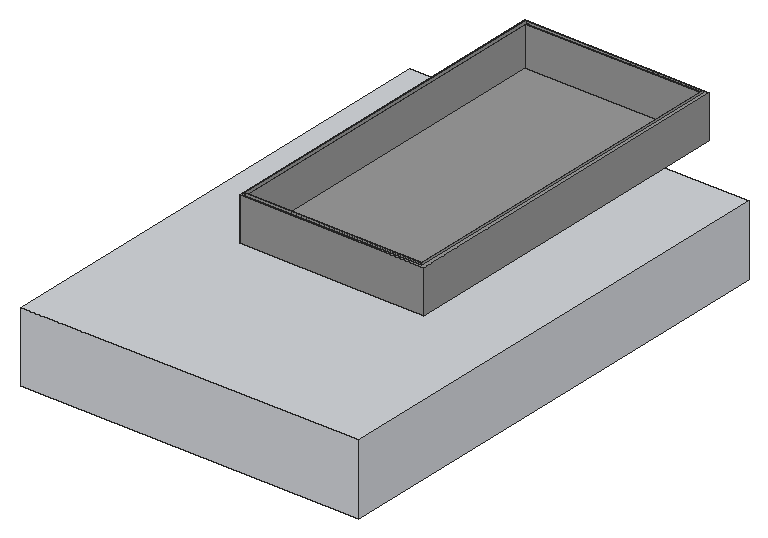
Revit family "Hager-Univers-IP30-D205-H1550-Cl.II-Encl-CH-it", category Equipement électrique, Revit 2020
Family settings
  Hôte = Face
  Configuration du panneau = Deux colonnes, circuits au sein
  Cote de connecteur circulaire = Utiliser le diamètre
  Type d'élément = Tableau de raccordement
  Couper avec des vides une fois chargée = Non
  Partagée = Non
  Point de calcul de pièce = Non
Parameters (values of type "A parete IP30 L800 A1550 P205  - FP03S1N")
  Width Control [instance] = if([EF000008 - Larghezza] > Min Width, [EF000008 - Larghezza], Min Width)  # 800 mm
  Commentaires du type = [HG000003 - Gamma]  # "Univers"
  Thickness Door [instance] = if([EF009171 - spessore materiale porta/coperchio] > 3 mm, 3 mm, [EF009171 - spessore materiale porta/coperchio])  # 1 mm
  Seal Frame Offset [instance] = 17 mm  # constant formula
  Plinth Visibility [instance] = [HG000027 - Altezza dello zoccolo] > 0 mm  # no
  Model = ""
  Min Width [instance] = 100 mm  # constant formula
  Min Height [instance] = 100 mm  # constant formula
  Min Depth [instance] = (2 * [EF009170 - spessore materiale scatola]) + 1 mm  # 3 mm
  Internal Frame Depth [instance] = (Door System Depth * 0.5)  # 9 mm
  Height Control [instance] = if([EF000040 - Altezza] > Min Height, [EF000040 - Altezza], Min Height)  # 1550 mm
  HG000027 - Altezza dello zoccolo = 0 mm
  HG000026 - A pavimento = no
  HG000024 - Altezza della sezione inferiore = 800 mm
  HG000023 - Custodia a doppia sezione = no
  HG000016 - Visibilità delle porte nella vista 3D [instance] = yes
  HG000015 - Visibilità attraverso la porta [instance] = no
  HG000014 - Porta destra [instance] = yes
  HG000013 - Porta sinistra [instance] = not([HG000014 - Porta destra])  # no
  HG000012 - Angolo di apertura della porta [instance] = 30.00°
  HG000010 - Porte asimmetriche = no
  HG000009 - Porta doppia a battente = no
  HG000006 - Ad incasso = no
  HG000004 - Codice produttore = "FP03S1N"
  HG000003 - Gamma = "Univers"
  HG000002 - Con porta = no
  Frame Offset Bottom [instance] = 10 mm  # constant formula
  Frame Offset [instance] = 15 mm  # constant formula
  EF015940 - Coprire con rilascio di sovrapressione = no
  EF011959 - tipo di protezione (NEMA) = ""
  EF009554 - numero delle aperture per la piastra della flangia = 6
  Fabricant = "Hager"  # constant formula
  EF009212 - esecuzione coperchio = "EV009916 - con taglio"
  EF009171 - spessore materiale porta/coperchio = 1 mm
  EF009170 - spessore materiale scatola = 1 mm
  EF008873 - corrente nominale (In) = 250 A
  EF007800 - adatto per parafulmine = no
  EF006306 - con serratura = no
  EF006244 - coperchio/porta trasparente = no
  EF005474 - grado di protezione (IP) = "EV006410 - IP30"
  EF004464 - tipo di porta = "EV000494 - senza"
  EF004427 - numero di moduli = 360
  EF004293 - resistenza agli urti = "EV006813 - IK07"
  EF003532 - adatto per uso esterno = no
  EF002950 - Numero moduli DIN = 36
  EF001613 - Integrità del circuito = "EV000494 - senza"
  EF001596 - Attacco Lampada = "EV000179 - acciaio"
  EF001131 - profondità interna = 130 mm
  EF001088 - possibilità di applicazione = yes
  EF000437 - numero di ingressi per conduttori = 6
  EF000339 - tipo di copertura = "EV000494 - senza"
  EF000266 - numero di file = 10
  EF000218 - profondità di incasso = 205 mm
  EF000118 - con piastra di montaggio = no
  EF000116 - numero RAL = "9010"
  EF000049 - profondità = 205 mm
  EF000040 - Altezza = 1550 mm
  EF000008 - Larghezza = 800 mm
  EF000007 - colore = "EV000202 - bianco"
  EF000003 - Tipo di montaggio = "EV000384 - A parete"
  Door System Leaf Tolerance [instance] = 1.5 mm  # constant formula
  Door System Depth [instance] = 18 mm  # constant formula
  Door Height [instance] = Height Control - [HG000027 - Altezza dello zoccolo]  # 1550 mm
  Depth Control [instance] = if([EF000049 - profondità] > Min Depth, [EF000049 - profondità], Min Depth)  # 205 mm
  Default Elevation = 0 mm
  Connector Offset [instance] = Height Control / 2  # 775 mm
  Bottom Top Plate Trim [instance] = 1.5 mm  # constant formula
  Plinth height Ctrl [instance] = if([HG000027 - Altezza dello zoccolo] > 0 mm, [HG000027 - Altezza dello zoccolo], 12 mm)  # 12 mm
Types (4, lengths in mm): name | Width Control | HG000004 - Codice produttore | EF009554 - numero delle aperture per la piastra della flangia | EF008873 - corrente nominale (In) | EF004427 - numero di moduli | EF002950 - Numero moduli DIN | EF000437 - numero di ingressi per conduttori | EF000008 - Larghezza
  A parete IP30 L1300 A1550 P205  - FP05S1N | 1300 | "FP05S1N" | 10 | 400 A | 600 | 60 | 10 | 1300
  A parete IP30 L300 A1550 P205  - FP01S1N | 300 | "FP01S1N" | 2 | 250 A | 120 | 12 | 2 | 300
  A parete IP30 L550 A1550 P205  - FP02S1N | 550 | "FP02S1N" | 4 | 250 A | 240 | 24 | 4 | 550
  A parete IP30 L800 A1550 P205  - FP03S1N | 800 | "FP03S1N" | 6 | 250 A | 360 | 36 | 6 | 800
Reference planes
  plane 1 "Center (Front/Back)": y = 0
  plane 2: z = 0
  plane 3 "Center (Left/Right)": x = 0
  plane 4: z = 205
  plane 5: y = 1
  plane 6: y = 775
  plane 7: y = 0
  plane 8: y = 1550
  plane 9: z = 0
  plane 10: x = -385
  plane 11: x = 385
  plane 12: x = 384
  plane 13: x = -384
  plane 14: y = 1549
  plane 15: x = -383
  plane 16: x = -400
  plane 17: x = 383
  plane 18: x = 400
  plane 19: x = 399
  plane 20: x = -399
  plane 21: y = 11
  plane 22: y = 1550
  plane 23: y = 1534
  plane 24: z = 187
  plane 25: z = 1
  plane 26: z = 186
  plane 27: z = 204
Forms (mm)
  Extrusion 1, solid
    sketch origin (0, 0, 0) x (1, 0, 0) y (0, 1, 0)
      loop
        line (-702.964, 1305) -> (-702.964, -811.445) -> (766.763, -811.445) -> (766.763, 1305) -> (-702.964, 1305)
    from 0 to -304.8
  Extrusion 2, solid, material "Hager_Steel_RAL7035_Light_Grey", visible <- "Plinth Visibility", detail levels medium+fine
    sketch origin (0, 0, 0) x (1, 0, 0) y (0, 1, 0)
      loop
        line (-400, 0) -> (400, 0) -> (400, 12) -> (-400, 12) -> (-400, 0)
    from 0 to 187
  Extrusion 3, solid, material "Hager_Steel_RAL7035_Light_Grey", detail levels medium+fine
    sketch origin (0, 0, 0) x (1, 0, 0) y (0, 1, 0)
      loop
        line (-400, 0) -> (400, 0) -> (400, 1550) -> (-400, 1550) -> (-400, 0)
    from 0 to 187
  Extrusion 4, void
    sketch origin (0, 0, 0) x (1, 0, 0) y (0, 1, 0)
      loop
        line (-399, 1) -> (399, 1) -> (399, 1549) -> (-399, 1549) -> (-399, 1)
    from 1 to 186
  Extrusion 5, void
    sketch origin (-381.607, -4572, 187) x (0, -1, 0) y (-1, 0, 0)
      loop
        line (-4583, 2.393) -> (-6106, 2.393) -> (-6106, -765.607) -> (-4583, -765.607) -> (-4583, 2.393)
    from 0 to 1 <- "EF009170 - spessore materiale scatola"
  Extrusion 6, solid, material "Hager_Steel_RAL7035_Light_Grey", detail levels fine
    sketch origin (0, 0, 187) x (1, 0, 0) y (0, 1, 0)
      loop
        line (-384, 1534) -> (-384, 11) -> (384, 11) -> (384, 1534) -> (-384, 1534)
      loop
        line (-385, 10) -> (385, 10) -> (385, 1535) -> (-385, 1535) -> (-385, 10)
    from 0 to 9 <- "Internal Frame Depth"
  Extrusion 7, solid, material "Hager_Steel_RAL7035_Light_Grey", detail levels coarse
    sketch origin (0, 0, 0) x (1, 0, 0) y (0, 1, 0)
      loop
        line (-400, 0) -> (400, 0) -> (400, 1550) -> (-400, 1550) -> (-400, 0)
    from 0 to 205
  Sweep 8, void
    path in 3D
      loop
        line (-400, 12, 0) -> (400, 12, 0) -> (400, 12, 187) -> (-400, 12, 187) -> (-400, 12, 0)
    profile origin (-400, 12, 93.5) x (-1, 0, 0) y (0, -1, 0)
      loop
        line (0, 0) -> (0, 1.5) -> (-1.5, 1.5)
        arc (-1.5, 1.5) -> (-1.061, 0.439) -> (0, 0) r 1.5
Cuts and joins
  Extrusion 4, Extrusion 5 cuts Extrusion 3
  Sweep 8 cuts Extrusion 2
Lines and regions (mm)
  Masking region 1
    outline origin (0, 0, 0) x (1, 0, 0) y (0, 0, 1)
      loop
        line (-400, 205) -> (-400, 0) -> (400, 0) -> (400, 205) -> (-400, 205)
  Masking region 2, detail levels medium+fine
    outline origin (0, 140, 0) x (0, 1, 0) y (0, 0, 1)
      loop
        line (-140, 0) -> (1410, 0) -> (1410, 187) -> (-140, 187) -> (-140, 0)
  Masking region 3, not visible, detail levels medium+fine
    outline origin (0, 297.922, 0) x (0, 1, 0) y (0, 0, 1)
      loop
        line (488.578, 0) -> (528.578, 0) -> (528.578, 194)
        arc (528.578, 194) -> (525.649, 201.071) -> (518.578, 204) r 10
        line (518.578, 204) -> (488.578, 204) -> (488.578, 0)
  Masking region 4, detail levels coarse
    outline origin (0, 0, 180) x (0, 1, 0) y (0, 0, 1)
      loop
        line (0, -180) -> (1550, -180) -> (1550, 25) -> (0, 25) -> (0, -180)
  Masking region 5, visible <- "Plinth Visibility", detail levels medium+fine
    outline origin (0, 52.24, 12.345) x (0, 0, -1) y (0, 1, 0)
      loop
        line (10.845, -40.24) -> (-173.155, -40.24)
        arc (-173.155, -40.24) -> (-173.594, -41.301) -> (-174.655, -41.74) r 1.5
        line (-174.655, -41.74) -> (-174.655, -52.24) -> (12.345, -52.24) -> (12.345, -41.74)
        arc (12.345, -41.74) -> (11.285, -41.301) -> (10.845, -40.24) r 1.5
  Masking region 6, detail levels medium+fine
    outline origin (-381.607, -4572, 187) x (-1, 0, 0) y (0, -1, 0)
      loop
        line (18.393, -6122) -> (18.393, -4572) -> (-781.607, -4572) -> (-781.607, -6122) -> (18.393, -6122)
  Masking region 7, visible <- "Plinth Visibility", detail levels medium+fine
    outline origin (-381.607, -4727, 187) x (-1, 0, 0) y (0, -1, 0)
      loop
        arc (16.893, -4739) -> (17.332, -4737.939) -> (18.393, -4737.5) r 1.5
        line (18.393, -4737.5) -> (18.393, -4727) -> (-781.607, -4727) -> (-781.607, -4737.5)
        arc (-781.607, -4737.5) -> (-780.546, -4737.939) -> (-780.107, -4739) r 1.5
        line (-780.107, -4739) -> (16.893, -4739)
  Masking region 8, detail levels coarse
    outline origin (-442.548, -4669.526, 187) x (-1, 0, 0) y (0, -1, 0)
      loop
        line (-42.548, -6219.526) -> (-42.548, -4669.526) -> (-842.548, -4669.526) -> (-842.548, -6219.526) -> (-42.548, -6219.526)
  sketch lines
    curve 1: line (-400, 12, 187) -> (-400, 12, 0)
    curve 2: line (400, 12, 187) -> (-400, 12, 187)
    curve 3: line (400, 12, 187) -> (400, 12, 0)
    curve 4: line (-400, 12, 0) -> (400, 12, 0)
Dimensions and locks
  "Depth Control": plane 4 to Extrusion 1
  "HG000027 - Altezza dello zoccolo": plane 1 "Center (Front/Back)" to plane 7
  "EF009170 - spessore materiale scatola": plane 5 to plane 7
  locked: connector elem to plane 3 "Center (Left/Right)"
  equal spacing: plane 8, plane 6, plane 7
  locked: connector elem to plane 6
  "EF009170 - spessore materiale scatola": plane 8 to plane 14
  "EF009170 - spessore materiale scatola": plane 10 to plane 13
  "EF009170 - spessore materiale scatola": plane 12 to plane 11
  "Frame Offset": plane 20 to plane 13
  "Frame Offset": plane 12 to plane 19
  "EF009170 - spessore materiale scatola": plane 16 to plane 20
  "EF009170 - spessore materiale scatola": plane 19 to plane 18
  "Seal Frame Offset": plane 16 to plane 15
  "Seal Frame Offset": plane 17 to plane 18
  "Frame Offset Bottom": plane 21 to plane 5
  "Frame Offset": plane 14 to plane 23
  equal spacing: plane 16, plane 3 "Center (Left/Right)", plane 18
  "Width Control": plane 16 to plane 18
  "EF009170 - spessore materiale scatola": plane 4 to plane 27
  "EF009170 - spessore materiale scatola": plane 24 to plane 26
  "EF009170 - spessore materiale scatola": plane 25 to level
  "Door System Depth": plane 4 to plane 24
  "Height Control": plane 1 "Center (Front/Back)" to Extrusion 7 sketch curve
  "Height Control": Masking region 4 sketch curve to plane 1 "Center (Front/Back)"
  "Height Control": plane 1 "Center (Front/Back)" to plane 22
  "Bottom Top Plate Trim": profile plane to Sweep 8 sketch curve
  "Bottom Top Plate Trim": Sweep 8 sketch curve to profile plane
  "Plinth height Ctrl": plane 1 "Center (Front/Back)" to Extrusion 2 sketch curve
  "Plinth height Ctrl": Masking region 5 sketch curve to plane 1 "Center (Front/Back)"
  "Plinth height Ctrl": plane 1 "Center (Front/Back)" to Masking region 7 sketch curve
  "Thickness Door": Extrusion 6 sketch curve to Extrusion 6 sketch curve  (x3)
  "Thickness Door": cut or joined group of Extrusion 3, Extrusion 4, Extrusion 5 to Extrusion 6 sketch curve
  radius of Masking region 3 sketch curve = 10 mm
  "Bottom Top Plate Trim": radius of Masking region 5 sketch curve  (x2)
  "Bottom Top Plate Trim": radius of Sweep 8 sketch curve
  "Bottom Top Plate Trim": radius of Masking region 7 sketch curve  (x2)
  aligned and locked: plane 2 to Extrusion 1
  aligned and locked: level to Extrusion 1
  aligned and locked: level to Masking region 1 sketch curve
  aligned and locked: Masking region 1 sketch curve to plane 18
  aligned and locked: Masking region 1 sketch curve to plane 16
  aligned and locked: plane 7 to Masking region 2 sketch curve
  aligned and locked: level to Masking region 3 sketch curve
  aligned and locked: Masking region 3 sketch curve to plane 27
  aligned and locked: level to Masking region 2 sketch curve
  aligned and locked: plane 1 "Center (Front/Back)" to Extrusion 2 sketch curve
  aligned and locked: Extrusion 3 sketch curve to plane 7
  aligned and locked: plane 16 to Extrusion 3 sketch curve
  aligned and locked: plane 18 to Extrusion 3 sketch curve
  aligned and locked: plane 20 to Extrusion 4 sketch curve
  aligned and locked: plane 19 to Extrusion 4 sketch curve
  aligned and locked: Extrusion 4 sketch curve to plane 5
  aligned and locked: Extrusion 4 to plane 25
  aligned and locked: plane 26 to Extrusion 4
  aligned and locked: plane 24 to Extrusion 3
  aligned and locked: Extrusion 5 sketch curve to plane 21
  aligned and locked: Extrusion 5 sketch curve to plane 13
  aligned and locked: Extrusion 5 sketch curve to plane 12
  aligned and locked: plane 18 to Extrusion 7 sketch curve
  aligned and locked: plane 1 "Center (Front/Back)" to Extrusion 7 sketch curve
  aligned and locked: plane 16 to Extrusion 7 sketch curve
  aligned and locked: plane 4 to Extrusion 7
  aligned and locked: Extrusion 7 to level
  aligned and locked: level to Masking region 4 sketch curve
  aligned and locked: Masking region 4 sketch curve to plane 1 "Center (Front/Back)"
  aligned and locked: Masking region 4 sketch curve to plane 4
  aligned and locked: nested 1 to level
  aligned and locked: nested 1 to plane 16
  aligned and locked: plane 8 to Extrusion 3 sketch curve
  aligned and locked: plane 23 to Extrusion 5 sketch curve
  aligned and locked: plane 14 to Extrusion 4 sketch curve
  aligned and locked: Masking region 2 sketch curve to plane 8
  aligned and locked: level to Masking region 5 sketch curve
  aligned and locked: plane 16 to Extrusion 2 sketch curve
  aligned and locked: plane 18 to Extrusion 2 sketch curve
  aligned and locked: Masking region 5 sketch curve to plane 24
  aligned and locked: Masking region 2 sketch curve to plane 24
  aligned and locked: plane 24 to Extrusion 2
  aligned and locked: profile plane to Sweep 8 sketch curve  (x2)
  aligned and locked: Masking region 6 sketch curve to plane 18
  aligned and locked: Masking region 6 sketch curve to plane 22
  aligned and locked: Masking region 6 sketch curve to plane 16
  aligned and locked: plane 8 to plane 22
  aligned and locked: Masking region 6 sketch curve to plane 7
  aligned and locked: Masking region 7 sketch curve to plane 16
  aligned and locked: Masking region 7 sketch curve to plane 1 "Center (Front/Back)"
  aligned and locked: Masking region 7 sketch curve to plane 18
  aligned and locked: Masking region 8 sketch curve to plane 1 "Center (Front/Back)"
  aligned and locked: Masking region 8 sketch curve to plane 18
  aligned and locked: Masking region 8 sketch curve to plane 22
  aligned and locked: Masking region 8 sketch curve to plane 16
  aligned and locked: nested 2 to plane 7
  aligned and locked: plane 3 "Center (Left/Right)" to nested 2
  aligned and locked: nested 2 to plane 24
  aligned and locked: Extrusion 6 sketch curve to cut or joined group of Extrusion 3, Extrusion 4, Extrusion 5  (x4)
Automatic sketch dimensions
  Extrusion 1 sketch curve to Extrusion 1 sketch curve = 1469.727 mm
  Extrusion 1 sketch curve to Extrusion 1 sketch curve = 2116.445 mm
  Masking region 1 sketch curve to plane 4 = 0 mm
  plane 6 to Masking region 3 sketch curve = 11.5 mm
  Masking region 3 sketch curve to Masking region 3 sketch curve = 30 mm
  Masking region 5 sketch curve to plane 1 "Center (Front/Back)" = 0 mm
Nested families
  nested 1: "Hager_Enclosure_Symbol" at (-400, 0, 0) x (1, 0, 0) z (0, -1, 0), Height <- "Depth Control", Width <- "Width Control", type "Hager_Enclosure_Symbol"
    with Width_Ctrl 800 mm, Width 800 mm, Height_Ctrl 205 mm, Height 205 mm, A_Width_Int 13.453 mm, A_Width 161.438 mm, A_Height_Ctrl 179.375 mm, A_Height 179.375 mm
  nested 2: "EC000058_Univers_Door" at (0, 0, 187) x (1, 0, 0) z (0, 1, 0), Leaf_Tolerance <- "Door System Leaf Tolerance", Angle <- "HG000012 - Angolo di apertura della porta", Door_Depth <- "Door System Depth", Door_Left <- "HG000013 - Porta sinistra", Transparent <- "EF006244 - coperchio/porta trasparente", Assymetrical <- "HG000010 - Porte asimmetriche", Width <- "Width Control", Clearance <- "HG000015 - Visibilità attraverso la porta", Double <- "HG000009 - Porta doppia a battente", 3d_Door <- "HG000016 - Visibilità delle porte nella vista 3D", Lock_Visibility <- "EF006306 - con serratura", Width_Ctrl <- "Width Control", Door_Right <- "HG000014 - Porta destra", Door <- "HG000002 - Con porta", Height <- "Door Height", Thickness <- "Thickness Door", type "EC000058_Univers_Door", detail levels medium+fine
    with min_wh 3 mm, Width_Ctrl 800 mm, Width 800 mm, Transparent no, Thickness 1 mm, Seal_Material Hager_Rubber, Lock_Visibility no, Lock_Material Hager_Plastic_RAL9005_Jet_Black, Leaf_Width 800 mm, Leaf_Tolerance_External_Sides 0 mm, Leaf_Tolerance 1.5 mm, Leaf_Offset 0 mm, Leaf_Height 1547 mm, Leaf_2_Width 800 mm, Leaf_2_Offset 400 mm, Leaf_1_Width 800 mm, Leaf_1_Offset 400 mm, Height_Ctrl 1550 mm, Height 1550 mm, Glass_Material Hager_Glass, Double_Clearance_Ctrl no, Double no, Door_Right_Ctrl no, Door_Right yes, Door_Material Hager_Steel_RAL7035_Light_Grey, Door_Left_Ctrl no, Door_Left no, Door_Depth 18 mm, Door no, Clearance_Material Hager_Clearance, Clearance_Depth 800 mm, Clearance_Ctrl no, Clearance no, Assymetrical no, Angle 30.00°, 3d_Door yes
Connectors
  electrical at (0, 775, 0)
    settings: on plane 9, index 1, voltage 0 V, apparent load 0 VA, apparent load phase1 0 VA, apparent load phase2 0 VA, apparent load phase3 0 VA, power factor 1, load classification "Other", number of poles 1, system type 30, power factor state 1, is connector primary yes, connector utility no, sub classification motor no, connector description ""
Definition of nested family "Hager_Enclosure_Symbol"
  Parameters (values of type "Hager_Enclosure_Symbol")
    Width_Ctrl [instance] = if(Width > 1 mm, Width, 1 mm)  # 102.27 mm
    Width [instance] = 102.27 mm
    Height_Ctrl [instance] = if(Height > 1 mm, Height, 1 mm)  # 66.5 mm
    A_Width_Int [instance] = if(A_Width / 12 > 2 mm, A_Width / 12, 2 mm)  # 4.364 mm
    A_Width [instance] = if(A_Height_Ctrl * 0.9 > 2 mm, A_Height_Ctrl * 0.9, 2 mm)  # 52.369 mm
    A_Height_Ctrl [instance] = if(A_Height > 2 mm, A_Height, 2 mm)  # 58.188 mm
    Height [instance] = 66.5 mm
    A_Height [instance] = Height - (Height / 8)  # 58.188 mm
  Reference planes
    plane 1 "Centre (avant/arrière)": y = 0
    plane 2: z = 0
    plane 3 "Centre (gauche/droite)": x = 0
    plane 4: x = 52.369
    plane 5: y = 33.042
    plane 6: y = 41.77
    plane 7: y = 66.5
    plane 8: x = 26.184
    plane 9: y = 37.406
    plane 10: x = 102.27
    plane 11: y = 66.5
    plane 12: y = 8.313
  Lines and regions (mm)
    Filled region 1, type "Solid_Black", in view "Niveau de réf."
      outline origin (0, 0, 0) x (1, 0, 0) y (0, 1, 0)
        loop
          line (52.369, 66.5) -> (33.188, 54.536) -> (45.365, 45.006) -> (52.369, 66.5)
    Filled region 2, type "Solid_Black", in view "Niveau de réf."
      outline origin (0, 0, 0) x (1, 0, 0) y (0, 1, 0)
        loop
          line (0, 0) -> (102.27, 0) -> (102.27, 66.5) -> (0, 0)
    detail lines, in view "Niveau de réf."
      curve 1: line (0, 8.313, 0) -> (26.184, 41.77, 0)
      curve 2: line (26.184, 41.77, 0) -> (26.184, 33.042, 0)
      curve 3: line (26.184, 33.042, 0) -> (52.369, 66.5, 0)
  Dimensions and locks
    "A_Width": plane 3 "Centre (gauche/droite)" to plane 4
    equal spacing: plane 3 "Centre (gauche/droite)", plane 8, plane 4
    equal spacing: plane 6, plane 9, plane 5
    equal spacing: curve 3, Filled region 1 sketch curve, Filled region 1 sketch curve
    "Height_Ctrl": plane 1 "Centre (avant/arrière)" to plane 11
    "A_Height_Ctrl": plane 11 to plane 12
    equal spacing: plane 11, plane 9, plane 12
    "A_Width_Int": plane 6 to plane 9
    "Width_Ctrl": plane 3 "Centre (gauche/droite)" to plane 10
    angle Filled region 1 sketch curve to curve 3 = 20.00°
    angle curve 3 to Filled region 1 sketch curve = 20.00°
    locked: curve 3 to Filled region 1 sketch curve (angle 90.00°)
    aligned and locked: plane 10 to Filled region 2
    aligned and locked: plane 11 to Filled region 2 sketch curve
    aligned and locked: plane 10 to Filled region 2 sketch curve
    aligned and locked: plane 3 "Centre (gauche/droite)" to curve 1
    aligned and locked: plane 12 to curve 1
    aligned and locked: plane 7 to plane 11
  Automatic sketch dimensions
    Filled region 1 sketch curve to plane 4 = 0 mm
    Filled region 1 sketch curve to plane 7 = 0 mm
    plane 1 "Centre (avant/arrière)" to Filled region 2 sketch curve = 0 mm
    Filled region 2 sketch curve to plane 3 "Centre (gauche/droite)" = 0 mm
    curve 2 to plane 6 = 0 mm
    curve 2 to plane 8 = 0 mm
    curve 3 to plane 4 = 0 mm
    curve 2 to plane 5 = 0 mm
    curve 3 to plane 7 = 0 mm
Definition of nested family "EC000058_Univers_Door"
  Parameters (values of type "EC000058_Univers_Door")
    min_wh [instance] = (2 * Thickness) + 1 mm  # 11 mm
    Width_Ctrl [instance] = 400 mm
    Width [instance] = 500 mm
    Transparent [instance] = yes
    Thickness [instance] = 5 mm
    Seal_Material [instance] = none
    Lock_Visibility [instance] = yes
    Lock_Material [instance] = none
    Leaf_Width [instance] = if((Width_Ctrl - 2 * Leaf_Tolerance_External_Sides) > 0 mm, (Width_Ctrl - 2 * Leaf_Tolerance_External_Sides), min_wh)  # 400 mm
    Leaf_Tolerance_External_Sides [instance] = 0 mm  # constant formula
    Leaf_Tolerance [instance] = 1.5 mm
    Leaf_Offset [instance] = 0 mm  # constant formula
    Leaf_Height [instance] = if((Height_Ctrl - 2 * Leaf_Tolerance) > 0 mm, (Height_Ctrl - 2 * Leaf_Tolerance), min_wh)  # 497 mm
    Leaf_2_Width [instance] = if(and(and(Double, Assymetrical), Door_Left), (Leaf_Width / 3) - (Leaf_Tolerance / 2), if(and(and(Double, Assymetrical), Door_Right), (Leaf_Width / 3) * 2 - (Leaf_Tolerance / 2), if(and(Double, not(Assymetrical)), (Leaf_Width / 2) - Leaf_Tolerance, Leaf_Width)))  # 400 mm
    Leaf_2_Offset [instance] = if(and(Double, Assymetrical), Leaf_2_Width / 2, if(and(Double, not(Assymetrical)), Leaf_Width / 4, Leaf_Width / 2))  # 200 mm
    Leaf_1_Width [instance] = if(and(and(Double, Assymetrical), Door_Right), (Leaf_Width / 3) - (Leaf_Tolerance / 2), if(and(and(Double, Assymetrical), Door_Left), (Width / 3) * 2 - (Leaf_Tolerance / 2), if(and(Double, not(Assymetrical)), (Leaf_Width / 2) - Leaf_Tolerance, Leaf_Width)))  # 400 mm
    Leaf_1_Offset [instance] = if(and(Double, Assymetrical), Leaf_1_Width / 2, if(and(Double, not(Assymetrical)), Leaf_Width / 4, Leaf_Width / 2))  # 200 mm
    Height_Ctrl [instance] = if(Height > min_wh, Height, min_wh)  # 500 mm
    Height [instance] = 500 mm
    Glass_Material [instance] = none
    Double_Clearance_Ctrl [instance] = and(Double, Clearance)  # no
    Double [instance] = no
    Door_Right_Ctrl [instance] = and(or(Door_Right, Double), Door)  # yes
    Door_Right [instance] = yes
    Door_Material [instance] = none
    Door_Left_Ctrl [instance] = and(or(Door_Left, Double), Door)  # no
    Door_Left [instance] = no
    Door_Depth [instance] = 30 mm
    Door [instance] = yes
    Default Elevation = 1219.2 mm
    Clearance_Material [instance] = none
    Clearance_Depth [instance] = if(Leaf_1_Width > Leaf_2_Width, Leaf_1_Width, Leaf_2_Width)  # 400 mm
    Clearance_Ctrl [instance] = and(not(Double), Clearance)  # yes
    Clearance [instance] = yes
    Assymetrical [instance] = yes
    Angle [instance] = 30.00°
    3d_Door [instance] = yes
  Reference planes
    plane 1 "Center (Front/Back)": y = 0
    plane 2 "Bottom": z = 0
    plane 3 "Center (Left/Right)": x = 0
    plane 4: z = 500
    plane 5: x = -200
    plane 6: x = 200
    plane 7: z = 500
    plane 8: x = -200
    plane 9: z = 0
    plane 10: x = 200
    plane 11: y = 0
    plane 12: z = 1.5
    plane 13: x = -600
    plane 14: y = -400
    plane 15: x = 600
    plane 16: x = 0
    plane 17: x = 0
    plane 18: x = -200
    plane 19: x = 200
    plane 20: z = 498.5
  Forms (mm)
    Extrusion 1, solid, material <- "Clearance_Material", visible <- "Double_Clearance_Ctrl"
      sketch origin (1200, 0, 0) x (1, 0, 0) y (0, 0, -1)
        loop
          line (-1800, -498.5) -> (-600, -498.5) -> (-600, 0) -> (-1800, 0) -> (-1800, -498.5)
      from 0 to -400
  Dimensions and locks
    equal spacing: plane 5, plane 3 "Center (Left/Right)", plane 6
    "Width_Ctrl": plane 5 to plane 6
    "Leaf_Offset": plane 5 to plane 8
    "Leaf_Offset": plane 6 to plane 10
    "Leaf_Offset": plane 9 to level
    "Leaf_Offset": plane 4 to plane 7
    "Height_Ctrl": plane 4 to level
    "Leaf_Tolerance": plane 12 to plane 9
    locked: plane 11 to plane 1 "Center (Front/Back)"
    "Leaf_1_Offset": plane 18 to plane 16
    "Leaf_2_Offset": plane 17 to plane 19
    "Leaf_1_Width": plane 13 to plane 8
    "Leaf_2_Width": plane 10 to plane 15
    "Clearance_Depth": plane 14 to plane 1 "Center (Front/Back)"
    "Leaf_Tolerance_External_Sides": plane 8 to plane 18
    "Leaf_Tolerance_External_Sides": plane 19 to plane 10
    "Leaf_Tolerance": plane 7 to plane 20
    aligned and locked: level to plane 2 "Bottom"
    aligned and locked: nested 1 to plane 16
    aligned and locked: nested 2 to plane 17
    aligned and locked: Extrusion 1 to plane 13
    aligned and locked: plane 15 to Extrusion 1
    aligned and locked: Extrusion 1 to plane 14
    aligned and locked: plane 12 to nested 1
    aligned and locked: nested 2 to plane 12
    aligned and locked: Extrusion 1 to plane 11
    aligned and locked: plane 20 to Extrusion 1
    aligned and locked: nested 2 to plane 11
    aligned and locked: nested 1 to plane 11
  Automatic sketch dimensions
    Extrusion 1 sketch curve to level = 0 mm
    plane 5 to Extrusion 1 sketch curve = 400 mm
    plane 6 to Extrusion 1 sketch curve = 400 mm
    Extrusion 1 sketch curve to plane 4 = 1.5 mm
  Nested families
    nested 1: "EC000058_Univers_Door_Leaf" at (0, 0, 1.5), Width <- "Leaf_1_Width", visible <- "Door_Left_Ctrl", Leaf_Height <- "Leaf_Height", Angle <- "Angle", 3d_Door <- "3d_Door", Transparent <- "Transparent", Clearance Material <- "Clearance_Material", Clearance <- "Clearance_Ctrl", Door_Material <- "Door_Material", Glass_Material <- "Glass_Material", Door_Depth <- "Door_Depth", Lock_Material <- "Lock_Material", Seal_Material <- "Seal_Material", Lock_Visibility <- "Lock_Visibility", Thickness <- "Thickness", type "EC000058_Univers_Door_Leaf"
      with Width 400 mm, Transparent_Glass_Offset 30 mm, Transparent_Ctrl yes, Transparent yes, Thickness 5 mm, Standard no, Seal_Material none, Seal_D2 8 mm, Seal_D1 1 mm, Offset_Internal_Frame 10 mm, Lock_Width 20 mm, Lock_Visibility_3d yes, Lock_Visibility yes, Lock_Thickness_3 3 mm, Lock_Thickness_2 1 mm, Lock_Thickness_1 3 mm, Lock_Radius_Offset_2 16 mm, Lock_Radius_Offset_1 15 mm, Lock_Radius_2 5 mm, Lock_Radius 6 mm, Lock_Offset 5 mm, Lock_Material none, Lock_Height 80 mm, Lock_Cover_Top_Offset_2d 17 mm, Lock_Cover_Height -65 mm, Leaf_Height 497 mm, Internal_Seal_Thickness 8 mm, Internal_Seal_Depth_2 4.5 mm, Internal_Frame_Depth 25 mm, Glass_Thickness -1 mm, Glass_Offset -2 mm, Glass_Material none, Door_Material none, Door_Depth 30 mm, Clearance Material none, Clearance yes, Angle_Ctrl 30.00°, Angle 30.00°, 3d_Door yes
    nested 2: "EC000058_Univers_Door_Leaf" at (0, 0, 1.5) x (-1, 0, 0) z (0, 0, 1), Width <- "Leaf_2_Width", visible <- "Door_Right_Ctrl", Leaf_Height <- "Leaf_Height", Angle <- "Angle", 3d_Door <- "3d_Door", Transparent <- "Transparent", Clearance Material <- "Clearance_Material", Clearance <- "Clearance_Ctrl", Door_Material <- "Door_Material", Glass_Material <- "Glass_Material", Door_Depth <- "Door_Depth", Lock_Material <- "Lock_Material", Seal_Material <- "Seal_Material", Lock_Visibility <- "Lock_Visibility", Thickness <- "Thickness", type "EC000058_Univers_Door_Leaf"
      with Width 400 mm, Transparent_Glass_Offset 30 mm, Transparent_Ctrl yes, Transparent yes, Thickness 5 mm, Standard no, Seal_Material none, Seal_D2 8 mm, Seal_D1 1 mm, Offset_Internal_Frame 10 mm, Lock_Width 20 mm, Lock_Visibility_3d yes, Lock_Visibility yes, Lock_Thickness_3 3 mm, Lock_Thickness_2 1 mm, Lock_Thickness_1 3 mm, Lock_Radius_Offset_2 16 mm, Lock_Radius_Offset_1 15 mm, Lock_Radius_2 5 mm, Lock_Radius 6 mm, Lock_Offset 5 mm, Lock_Material none, Lock_Height 80 mm, Lock_Cover_Top_Offset_2d 17 mm, Lock_Cover_Height -65 mm, Leaf_Height 497 mm, Internal_Seal_Thickness 8 mm, Internal_Seal_Depth_2 4.5 mm, Internal_Frame_Depth 25 mm, Glass_Thickness -1 mm, Glass_Offset -2 mm, Glass_Material none, Door_Material none, Door_Depth 30 mm, Clearance Material none, Clearance yes, Angle_Ctrl 30.00°, Angle 30.00°, 3d_Door yes
  Definition of nested family "EC000058_Univers_Door_Leaf"
    Parameters (values of type "EC000058_Univers_Door_Leaf")
      Width [instance] = 2000 mm
      Transparent_Glass_Offset [instance] = 30 mm
      Transparent_Ctrl [instance] = and(Transparent, [3d_Door])  # yes
      Transparent [instance] = yes
      Thickness [instance] = 5 mm
      Standard [instance] = and(not(Transparent), [3d_Door])  # no
      Seal_Material [instance] = none
      Seal_D2 [instance] = 8 mm  # constant formula
      Seal_D1 [instance] = 1 mm  # constant formula
      Offset_Internal_Frame [instance] = 10 mm  # constant formula
      Lock_Width [instance] = 20 mm  # constant formula
      Lock_Visibility_3d [instance] = and(Lock_Visibility, [3d_Door])  # yes
      Lock_Visibility [instance] = yes
      Lock_Thickness_3 [instance] = 3 mm  # constant formula
      Lock_Thickness_2 [instance] = 1 mm  # constant formula
      Lock_Thickness_1 [instance] = 3 mm  # constant formula
      Lock_Radius_Offset_2 [instance] = Lock_Radius_Offset_1 + 1 mm  # 16 mm
      Lock_Radius_Offset_1 [instance] = 15 mm  # constant formula
      Lock_Radius_2 [instance] = Lock_Radius - 1 mm  # 5 mm
      Lock_Radius [instance] = 6 mm  # constant formula
      Lock_Offset [instance] = 5 mm  # constant formula
      Lock_Material [instance] = none
      Lock_Height [instance] = 80 mm  # constant formula
      Lock_Cover_Top_Offset_2d [instance] = Lock_Radius_Offset_2 + 1 mm  # 17 mm
      Lock_Cover_Height [instance] = -(Lock_Height - Lock_Radius_Offset_1)  # -65 mm
      Leaf_Height [instance] = 2720.336 mm
      Internal_Seal_Thickness [instance] = 8 mm  # constant formula
      Internal_Seal_Depth_2 [instance] = 4.5 mm  # constant formula
      Internal_Frame_Depth [instance] = if(Door_Depth - Thickness > 5 mm, Door_Depth - Thickness, 5 mm)  # 25 mm
      Glass_Thickness [instance] = if(Thickness > 15 mm, Glass_Offset + 10 mm, -1 mm)  # -1 mm
      Glass_Offset [instance] = if(Thickness > 15 mm, -(Thickness + 10 mm) / 2, -2 mm)  # -2 mm
      Glass_Material [instance] = none
      Door_Material [instance] = none
      Door_Depth [instance] = 30 mm
      Default Elevation = 0 mm
      Clearance Material [instance] = none
      Clearance [instance] = yes
      Angle_Ctrl [instance] = if(Angle > 180.00°, 180.00°, Angle)  # 90.00°
      Angle [instance] = 90.00°
      3d_Door [instance] = yes
    Reference planes
      plane 1 "Center (Front/Back)": y = 0
      plane 2: z = 0
      plane 3 "Center (Left/Right)": x = 0
      plane 4: y = 2000
      plane 5: x = -1000
      plane 6: x = 1000
      plane 7: x = -3000
      plane 8: z = 2720.336
      plane 9: z = 30
      plane 10: z = 2690.336
      plane 11: x = 970
      plane 12: x = -970
      plane 13: y = -3
      plane 14: z = 107.833
      plane 15: y = -5
      plane 16: y = -223.314
      plane 17: x = -1000
      plane 18: z = 1360.168
      plane 19: y = 30
    Forms (mm)
      Extrusion 1, solid, material <- "Clearance Material", visible <- "Clearance"
        sketch origin (0, 0, 0) x (1, 0, 0) y (0, 0, 1)
          loop
            line (-3000, 2720.336) -> (-3000, 0) -> (1000, 0) -> (1000, 2720.336) -> (-3000, 2720.336)
        from 0 to -2000
      Extrusion 2, solid, material <- "Door_Material", visible <- "Standard", detail levels medium+fine
        sketch origin (-1000, 0, 0) x (0, 1, 0) y (-1, 0, 0)
          loop
            line (0, 30) -> (0, 25) -> (2000, 25) -> (2000, 30) -> (0, 30)
        from 0 to 2720.336 <- "Leaf_Height"
      Extrusion 3, solid, material <- "Door_Material", visible <- "Transparent_Ctrl", detail levels medium+fine
        sketch origin (-1000, 0, 0) x (0, 1, 0) y (-1, 0, 0)
          loop
            line (0, 25) -> (2000, 25) -> (2000, 30) -> (0, 30) -> (0, 25)
        from 0 to 2720.336 <- "Leaf_Height"
      Extrusion 4, void
        sketch origin (-1025, 2000, 0) x (0, 1, 0) y (0, 0, -1)
          loop
            line (-30, -2690.336) -> (-30, -30) -> (-1970, -30) -> (-1970, -2690.336) -> (-30, -2690.336)
        from 0 to 5 <- "Thickness"
      Sweep 5, solid, material <- "Seal_Material", visible <- "Transparent_Ctrl", detail levels fine
        path in 3D
          loop
            line (-1025, 30, 30) -> (-1025, 30, 2690.336) -> (-1025, 1970, 2690.336) -> (-1025, 1970, 30) -> (-1025, 30, 30)
        profile origin (-1025, 1000, 30) x (1, 0, 0) y (0, 0, 1)
          loop
            line (0, 0) -> (0, -8) -> (1, -8) -> (1, 0) -> (0, 0)
      Extrusion 6, solid, material <- "Glass_Material", visible <- "Transparent_Ctrl", detail levels medium+fine
        sketch origin (-1030, 0, 0) x (0, 1, 0) y (0, 0, -1)
          loop
            line (1970, -2690.336) -> (1970, -30) -> (30, -30) -> (30, -2690.336) -> (1970, -2690.336)
        from -2 <- "Glass_Offset" to -1 <- "Glass_Thickness"
      Extrusion 7, solid, material <- "Door_Material", visible <- "3d_Door", detail levels medium+fine
        sketch origin (-1025, 2000, 0) x (0, -1, 0) y (0, 0, -1)
          loop
            line (0, -2720.336) -> (2000, -2720.336) -> (2000, 0) -> (0, 0) -> (0, -2720.336)
          loop
            line (1995, -5) -> (5, -5) -> (5, -2715.336) -> (1995, -2715.336) -> (1995, -5)
        from 0 to 25 <- "Internal_Frame_Depth"
      Sweep 8, solid, material <- "Seal_Material", visible <- "Transparent_Ctrl", detail levels fine
        path in 3D
          loop
            line (-1025, 0, 0) -> (-1025, 2000, 0) -> (-1025, 2000, 2720.336) -> (-1025, 0, 2720.336) -> (-1025, 0, 0)
        profile origin (-1025, 0, 1360.168) x (1, 0, 0) y (0, 1, 0)
          loop
            line (0, 10) -> (2.975, 10)
            arc (2.975, 10) -> (4.053, 10.447) -> (4.5, 11.525) r 1.525
            line (4.5, 11.525) -> (4.5, 16.527)
            arc (4.5, 16.527) -> (4.069, 17.569) -> (3.027, 18) r 1.473
            line (3.027, 18) -> (0, 18) -> (0, 10)
      Extrusion 9, solid, material <- "Lock_Material", visible <- "Lock_Visibility_3d", detail levels fine
        sketch origin (-1030, 0, 0) x (0, 1, 0) y (0, 0, -1)
          loop
            arc (1993.5, -1400.168) -> (1994.561, -1399.729) -> (1995, -1398.668) r 1.5
            line (1995, -1398.668) -> (1995, -1320.168) -> (1975, -1320.168) -> (1975, -1398.668)
            arc (1975, -1398.668) -> (1975.439, -1399.729) -> (1976.5, -1400.168) r 1.5
            line (1976.5, -1400.168) -> (1993.5, -1400.168)
        from 3 <- "Lock_Thickness_1" to 0
      Blend 10, solid, material <- "Lock_Material", visible <- "Lock_Visibility_3d", detail levels fine
        base sketch origin (-1033, 0, 0) x (0, 1, 0) y (0, 0, -1)
          loop
            line (1975, -1320.168) -> (1975, -1398.668)
            arc (1975, -1398.668) -> (1975.439, -1399.729) -> (1976.5, -1400.168) r 1.5
            line (1976.5, -1400.168) -> (1993.5, -1400.168)
            arc (1993.5, -1400.168) -> (1994.561, -1399.729) -> (1995, -1398.668) r 1.5
            line (1995, -1398.668) -> (1995, -1320.168) -> (1975, -1320.168)
        top sketch origin (-1033, 0, 0) x (0, 1, 0) y (0, 0, -1)
          loop
            line (1976, -1320.168) -> (1976, -1398.668)
            arc (1976, -1398.668) -> (1976.146, -1399.022) -> (1976.5, -1399.168) r 0.5
            line (1976.5, -1399.168) -> (1993.5, -1399.168)
            arc (1993.5, -1399.168) -> (1993.854, -1399.022) -> (1994, -1398.668) r 0.5
            line (1994, -1398.668) -> (1994, -1320.168) -> (1976, -1320.168)
        from 0 to 1 <- "Lock_Thickness_2"
      Blend 11, solid, material <- "Lock_Material", visible <- "Lock_Visibility_3d", detail levels fine
        base sketch origin (-1034, 0, 0) x (0, 1, 0) y (0, 0, -1)
          loop
            line (1978, -1320.168) -> (1978, -1384.168)
            arc (1978, -1384.168) -> (1985, -1391.168) -> (1992, -1384.168) r 7
            line (1992, -1384.168) -> (1992, -1320.168) -> (1978, -1320.168)
        top sketch origin (-1034, 0, 0) x (0, 1, 0) y (0, 0, -1)
          loop
            line (1991, -1320.168) -> (1979, -1320.168) -> (1979, -1383.168)
            arc (1979, -1383.168) -> (1985, -1389.168) -> (1991, -1383.168) r 6
            line (1991, -1383.168) -> (1991, -1320.168)
        from 0 to 3 <- "Lock_Thickness_3"
      Extrusion 12, solid, material <- "Lock_Material", visible <- "Lock_Visibility_3d", detail levels fine
        sketch origin (-1030, 1975, 1320.168) x (1, 0, 0) y (0, -1, 0)
          loop
            line (-7, -19) -> (-7, -1) -> (0, -1) -> (0, 0) -> (-8, 0) -> (-8, -20) -> (0, -20) -> (0, -19) -> (-7, -19)
        from 0 to -65 <- "Lock_Cover_Height"
      Extrusion 13, void
        sketch origin (-1038, 1995, 1320.168) x (-1, 0, 0) y (0, 0, -1)
          loop
            line (-5, -65) -> (0, -65) -> (-5, -60) -> (-5, -65)
        from 0 to 20 <- "Lock_Width"
      Extrusion 14, void
        sketch origin (-1038, 1975, 1320.168) x (0, -1, 0) y (0, 0, -1)
          loop
            circle (-10, -15.995) r 6
          loop
            circle (-10, -15.995) r 5
        from 0 to 2
      Extrusion 15, solid, material <- "Lock_Material", visible <- "Lock_Visibility_3d", detail levels medium
        sketch origin (-1030, 0, 0) x (0, 1, 0) y (0, 0, -1)
          loop
            arc (1993.5, -1400.168) -> (1994.561, -1399.729) -> (1995, -1398.668) r 1.5
            line (1995, -1398.668) -> (1995, -1320.168) -> (1975, -1320.168) -> (1975, -1398.668)
            arc (1975, -1398.668) -> (1975.439, -1399.729) -> (1976.5, -1400.168) r 1.5
            line (1976.5, -1400.168) -> (1993.5, -1400.168)
        from 8 to 0
    Cuts and joins
      Extrusion 4 cuts Extrusion 3
      Extrusion 13, Extrusion 14 cuts Extrusion 9
      Extrusion 14 cuts Blend 11
      Extrusion 13, Extrusion 14 cuts Extrusion 12
      joined: Extrusion 9, Blend 10, Blend 11, Extrusion 12
      Extrusion 14 cuts Extrusion 15
    Lines and regions (mm)
      Masking region 1, visible <- "Lock_Visibility", detail levels fine
        outline origin (0, 0, 0) x (0, 1, 0) y (0, 0, 1)
          loop
            line (30, 1320.168) -> (33, 1320.168) -> (33, 1400.168) -> (30, 1400.168) -> (30, 1320.168)
      Masking region 2, visible <- "Lock_Visibility", detail levels fine
        outline origin (0, 3.143, 0) x (0, 1, 0) y (0, 0, 1)
          loop
            line (29.857, 1354.168) -> (30.857, 1354.168) -> (30.857, 1366.168) -> (29.857, 1366.168) -> (29.857, 1354.168)
      Masking region 3, detail levels medium+fine
        outline origin (0, 0, 0) x (0, 1, 0) y (0, 0, 1)
          loop
            line (0, 0) -> (30, 0) -> (30, 2720.336) -> (0, 2720.336) -> (0, 0)
      Masking region 4, detail levels medium+fine
        outline origin (0, 0, 0) x (1, 0, 0) y (0, 0, 1)
          loop
            line (-1000, 2720.336) -> (-1000, 0) -> (1000, 0) -> (1000, 2720.336) -> (-1000, 2720.336)
      Masking region 5, visible <- "Lock_Visibility", detail levels fine
        outline origin (-47.116, 0, 0) x (1, 0, 0) y (0, 0, 1)
          loop
            arc (1024.616, 1399.168) -> (1023.556, 1398.729) -> (1023.116, 1397.668) r 1.5
            line (1023.116, 1397.668) -> (1023.116, 1320.168) -> (1041.116, 1320.168) -> (1041.116, 1397.668)
            arc (1041.116, 1397.668) -> (1040.677, 1398.729) -> (1039.616, 1399.168) r 1.5
            line (1039.616, 1399.168) -> (1024.616, 1399.168)
      Masking region 6, visible <- "Lock_Visibility", detail levels medium+fine
        outline origin (-25, 0, 0) x (1, 0, 0) y (0, 0, 1)
          loop
            arc (1001.5, 1400.168) -> (1000.439, 1399.729) -> (1000, 1398.668) r 1.5
            line (1000, 1398.668) -> (1000, 1320.168) -> (1020, 1320.168) -> (1020, 1398.668)
            arc (1020, 1398.668) -> (1019.561, 1399.729) -> (1018.5, 1400.168) r 1.5
            line (1018.5, 1400.168) -> (1001.5, 1400.168)
      Masking region 7, visible <- "Lock_Visibility", detail levels fine
        outline origin (-73.735, 0, 0) x (1, 0, 0) y (0, 0, 1)
          loop
            line (1051.735, 1382.168) -> (1065.735, 1382.168) -> (1065.735, 1384.168)
            arc (1065.735, 1384.168) -> (1058.735, 1391.168) -> (1051.735, 1384.168) r 7
            line (1051.735, 1384.168) -> (1051.735, 1382.168)
      Masking region 8, visible <- "Lock_Visibility", detail levels fine
        outline origin (-73.735, 0, 0) x (1, 0, 0) y (0, 0, 1)
          loop
            line (1052.735, 1382.168) -> (1064.735, 1382.168) -> (1064.735, 1383.168)
            arc (1064.735, 1383.168) -> (1058.735, 1389.168) -> (1052.735, 1383.168) r 6
            line (1052.735, 1383.168) -> (1052.735, 1382.168)
      Masking region 9, visible <- "Lock_Visibility", detail levels fine
        outline origin (-25, 0, 0) x (1, 0, 0) y (0, 0, 1)
          loop
            line (1020, 1320.168) -> (1020, 1382.168) -> (1000, 1382.168) -> (1000, 1320.168) -> (1020, 1320.168)
      Masking region 10, detail levels medium+fine
        outline origin (0, 0, 0) x (1, 0, 0) y (0, 0, 1)
          loop
            circle (985, 1335.144) r 6
      Masking region 11, detail levels fine
        outline origin (0, 0, 0) x (1, 0, 0) y (0, 0, 1)
          loop
            circle (985, 1335.144) r 5
      Masking region 12, visible <- "Lock_Visibility", detail levels fine
        outline origin (0, 12.767, 0) x (0, 1, 0) y (0, 0, 1)
          loop
            line (20.233, 1320.168) -> (21.233, 1320.168) -> (21.233, 1399.168) -> (20.233, 1400.168) -> (20.233, 1320.168)
      Masking region 13, visible <- "Lock_Visibility", detail levels fine
        outline origin (0, 13.767, -10) x (0, 1, 0) y (0, 0, 1)
          loop
            line (20.233, 1330.168) -> (23.233, 1330.168) -> (23.233, 1399.168) -> (20.233, 1402.168) -> (20.233, 1330.168)
      Masking region 14, visible <- "Lock_Visibility", detail levels fine
        outline origin (0, 12.767, -10) x (0, 1, 0) y (0, 0, 1)
          loop
            line (20.233, 1330.168) -> (25.233, 1330.168) -> (25.233, 1399.305) -> (20.233, 1394.305) -> (20.233, 1330.168)
      Masking region 15, visible <- "Lock_Visibility", detail levels medium
        outline origin (0, 0, 0) x (0, 1, 0) y (0, 0, 1)
          loop
            line (30, 1320.168) -> (38, 1320.168) -> (38, 1400.168) -> (30, 1400.168) -> (30, 1320.168)
      Masking region 16, visible <- "Lock_Visibility", detail levels fine
        outline origin (-1000, 0, 0) x (0, 1, 0) y (-1, 0, 0)
          loop
            line (1975, 30) -> (1995, 30) -> (1995, 38) -> (1975, 38) -> (1975, 30)
          loop
            line (1979, 37) -> (1976, 37) -> (1976, 34) -> (1978, 34) -> (1979, 37)
          loop
            line (1994, 37) -> (1991, 37) -> (1992, 34) -> (1994, 34) -> (1994, 37)
      Masking region 17, visible <- "Lock_Visibility", detail levels medium
        outline origin (-1000, 0, 0) x (0, 1, 0) y (-1, 0, 0)
          loop
            line (1975, 30) -> (1995, 30) -> (1995, 38) -> (1975, 38) -> (1975, 30)
      symbolic lines
        curve 1: line (1000, 0, 0) -> (-3000, 0, 0)
        curve 2: arc (1000, 0, 0) -> (-1000, 2000, 0) -> (-3000, 0, 0) r 2000
        curve 4: line (-1030, 0, 0) -> (-1030, 2000, 0)
      reference lines
        curve 3: line (-1000, 0, 0) -> (-1000, 2000, 0)
      symbolic lines, detail levels medium+fine
        curve 5: line (-1030, 2000, 0) -> (-1025, 2000, 0)
        curve 7: line (-1025, 0, 0) -> (-1030, 0, 0)
        curve 8: line (-1025, 0, 0) -> (-1000, 0, 0)
        curve 9: line (-1000, 0, 0) -> (-1000, 2000, 0)
        curve 10: line (-1000, 2000, 0) -> (-1025, 2000, 0)
      symbolic lines, detail levels fine
        curve 6: line (-1025, 2000, 0) -> (-1025, 0, 0)
      sketch lines
        curve 11: line (-1025, 0, 2720.336) -> (-1025, 0, 0)
        curve 12: line (-1025, 2000, 0) -> (-1025, 0, 0)
        curve 13: line (-1025, 2000, 2720.336) -> (-1025, 2000, 0)
        curve 14: line (-1025, 0, 2720.336) -> (-1025, 2000, 2720.336)
        curve 15: line (-1025, 1970, 30) -> (-1025, 30, 30)
        curve 16: line (-1025, 30, 30) -> (-1025, 30, 2690.336)
        curve 17: line (-1025, 1970, 2690.336) -> (-1025, 1970, 30)
        curve 18: line (-1025, 30, 2690.336) -> (-1025, 1970, 2690.336)
      symbolic lines, visible <- "Transparent", detail levels medium+fine
        curve 19: line (-970, 0, 2690.336) -> (970, 0, 2690.336)
        curve 20: line (-970, 0, 30) -> (-970, 0, 2690.336)
        curve 21: line (970, 0, 30) -> (-970, 0, 30)
        curve 22: line (970, 0, 2690.336) -> (970, 0, 30)
    Dimensions and locks
      "Width": plane 1 "Center (Front/Back)" to plane 4
      equal spacing: plane 5, plane 3 "Center (Left/Right)", plane 6
      "Width": plane 5 to plane 6
      "Width": plane 7 to plane 5
      "Leaf_Height": plane 8 to level
      "Width": curve 5 to curve 3
      "Width": curve 3 to curve 3
      plane 8 to plane 10 = 30 mm
      plane 9 to level = 30 mm
      plane 12 to plane 5 = 30 mm
      plane 6 to plane 11 = 30 mm
      Extrusion 1 to Extrusion 4 sketch curve = 30 mm
      "Transparent_Glass_Offset": curve 3 to Extrusion 4 sketch curve
      "Transparent_Glass_Offset": Extrusion 4 sketch curve to cut or joined group of Extrusion 3, Extrusion 4  (x2)
      cut or joined group of Extrusion 3, Extrusion 4 to Extrusion 6 sketch curve = 30 mm
      "Transparent_Glass_Offset": cut or joined group of Extrusion 3, Extrusion 4 to Extrusion 4 sketch curve
      "Thickness": curve 6 to curve 4
      "Thickness": Extrusion 7 sketch curve to Extrusion 7 sketch curve  (x4)
      "Door_Depth": curve 4 to curve 3
      "Offset_Internal_Frame": profile plane to Sweep 8 sketch curve
      "Internal_Seal_Thickness": Sweep 8 sketch curve to Sweep 8 sketch curve
      "Internal_Seal_Depth_2": profile plane to Sweep 8 sketch curve
      "Seal_D1": profile plane to Sweep 5 sketch curve
      "Seal_D2": profile plane to Sweep 5 sketch curve
      "Thickness": Extrusion 2 sketch curve to Extrusion 2 sketch curve
      equal spacing: Extrusion 9 sketch curve, plane 18, Extrusion 9 sketch curve  (x2)
      equal spacing: Masking region 1 sketch curve, plane 18, Masking region 1 sketch curve
      "Lock_Height": Masking region 1 sketch curve to Masking region 1 sketch curve
      "Lock_Radius": Masking region 2 sketch curve to plane 18 to Masking region 2 sketch curve
      Masking region 2 sketch curve to Masking region 1 = 1 mm
      "Door_Depth": plane 19 to plane 1 "Center (Front/Back)"
      "Lock_Thickness_1": Masking region 1 sketch curve to plane 19
      "Lock_Width": Extrusion 9 sketch curve to Extrusion 9 sketch curve
      "Lock_Height": Extrusion 9 sketch curve to Extrusion 9 sketch curve
      "Lock_Offset": cut or joined group of Extrusion 3, Extrusion 4 to Extrusion 9 sketch curve
      equal spacing: plane 8, plane 18, level
      "Lock_Radius_Offset_1": Blend 11 sketch curve to Blend 10
      locked: Blend 10 to Blend 11 sketch curve at 2  (x2)
      locked: var sketch to Blend 11 sketch curve at 1  (x2)
      "Lock_Radius_Offset_2": Blend 11 sketch curve to Blend 10
      locked: Extrusion 12 sketch curve to Extrusion 12 sketch curve at 1  (x3)
      Masking region 6 sketch curve to Masking region 6 sketch curve = 80 mm
      "Lock_Height": Masking region 6 sketch curve to Masking region 6 sketch curve
      "Lock_Width": Masking region 6 sketch curve to Masking region 6 sketch curve
      locked: Masking region 6 to Masking region 5 sketch curve at 1  (x3)
      locked: Masking region 5 to Masking region 7 sketch curve at 2  (x2)
      "Lock_Radius_Offset_1": Masking region 5 to Masking region 7 sketch curve
      "Lock_Radius_Offset_2": Masking region 5 to Masking region 8 sketch curve
      locked: Masking region 7 to Masking region 8 sketch curve at 1  (x2)
      "Lock_Cover_Top_Offset_2d": Masking region 5 to Masking region 9 sketch curve
      equal spacing: Masking region 9, Masking region 10 sketch curve, Masking region 9
      equal spacing: Masking region 9, Masking region 11 sketch curve, Masking region 9
      Extrusion 15 sketch curve to Extrusion 15 sketch curve = 80 mm
      "Lock_Width": Extrusion 15 sketch curve to Extrusion 15 sketch curve
      "Lock_Height": Extrusion 15 sketch curve to Extrusion 15 sketch curve
      equal spacing: Extrusion 15 sketch curve, plane 18, Extrusion 15 sketch curve
      "Lock_Thickness_3": Masking region 13 sketch curve to Masking region 13 sketch curve
      "Lock_Height": Masking region 12 sketch curve to Masking region 12 sketch curve
      locked: Masking region 13 sketch curve to Masking region 1 at 8
      locked: Masking region 14 sketch curve to Masking region 13 at 1
      locked: Masking region 14 sketch curve to Masking region 1 at 10.863
      "Lock_Height": Masking region 15 sketch curve to Masking region 15 sketch curve
      "Lock_Offset": Extrusion 15 sketch curve to cut or joined group of Extrusion 3, Extrusion 4
      "Lock_Offset": plane 6 to Masking region 6 sketch curve
      radius of Sweep 8 sketch curve = 1.525 mm
      radius of Sweep 8 sketch curve = 1.473 mm
      radius of Extrusion 9 sketch curve = 1.5 mm  (x2)
      "Lock_Radius": radius of Extrusion 14 sketch curve
      "Lock_Radius_2": radius of Extrusion 14 sketch curve
      "Lock_Radius": radius of Masking region 10 sketch curve
      "Lock_Radius_2": radius of Masking region 11 sketch curve
      radius of Extrusion 15 sketch curve = 1.5 mm  (x2)
      "Angle_Ctrl": angle plane 1 "Center (Front/Back)" to curve 3
      locked: Masking region 12 sketch curve to Masking region 12 sketch curve (angle 45.00°)
      locked: Masking region 13 sketch curve to Masking region 13 sketch curve (angle 45.00°)
      locked: Masking region 14 sketch curve to Masking region 14 sketch curve (angle 45.00°)
      aligned and locked: level to plane 2
      aligned and locked: Extrusion 1 to curve 1
      aligned and locked: plane 6 to Extrusion 1
      aligned and locked: Extrusion 1 to plane 1 "Center (Front/Back)"
      aligned and locked: plane 4 to Extrusion 1
      aligned and locked: plane 8 to Extrusion 1
      aligned and locked: curve 7 to Extrusion 2 sketch curve
      aligned and locked: curve 5 to Extrusion 2 sketch curve
      aligned and locked: curve 7 to Extrusion 3 sketch curve
      aligned and locked: Extrusion 3 sketch curve to curve 4
      aligned and locked: Extrusion 3 sketch curve to curve 6
      aligned and locked: Extrusion 3 sketch curve to curve 5
      aligned and locked: curve 9 to curve 3
      aligned and locked: Extrusion 7 sketch curve to cut or joined group of Extrusion 3, Extrusion 4  (x4)
      aligned and locked: plane 17 to curve 3
      aligned and locked: plane 1 "Center (Front/Back)" to curve 3
      aligned and locked: plane 17 to plane 5
      aligned and locked: Sweep 8 sketch curve to profile plane
      aligned and locked: Sweep 5 sketch curve to profile plane  (x2)
      aligned and locked: Masking region 1 to Masking region 2 sketch curve
      aligned and locked: plane 19 to Masking region 1 sketch curve
      aligned and locked: plane 1 "Center (Front/Back)" to Masking region 3 sketch curve
      aligned and locked: plane 19 to Masking region 3 sketch curve
      aligned and locked: level to Masking region 3 sketch curve
      aligned and locked: Masking region 3 sketch curve to plane 8
      aligned and locked: plane 17 to Masking region 4 sketch curve
      aligned and locked: level to Masking region 4 sketch curve
      aligned and locked: Masking region 4 sketch curve to plane 8
      aligned and locked: plane 12 to curve 20
      aligned and locked: plane 10 to curve 19
      aligned and locked: plane 11 to curve 22
      aligned and locked: curve 21 to plane 9
      aligned and locked: Extrusion 2 sketch curve to cut or joined group of Extrusion 3, Extrusion 4
      aligned and locked: Blend 10 sketch curve to Extrusion 9  (x4)
      aligned and locked: Extrusion 9 to Blend 10 sketch curve
      aligned and locked: Blend 10 to Blend 11 sketch curve
      aligned and locked: Extrusion 12 sketch curve to Blend 11
      aligned and locked: Extrusion 12 sketch curve to Extrusion 9  (x4)
      aligned and locked: Masking region 5 sketch curve to Masking region 6
      aligned and locked: Masking region 9 sketch curve to Masking region 6  (x3)
      aligned and locked: Masking region 12 sketch curve to Masking region 1
      aligned and locked: Masking region 13 sketch curve to Masking region 1
      aligned and locked: Masking region 12 to Masking region 14
      aligned and locked: Masking region 14 sketch curve to Masking region 1
      aligned and locked: Masking region 15 sketch curve to Masking region 14
      aligned and locked: Masking region 13 sketch curve to Masking region 12
      aligned and locked: Masking region 16 sketch curve to cut or joined group of Extrusion 14, Extrusion 15  (x4)
      aligned and locked: Masking region 16 sketch curve to cut or joined group of Extrusion 9, Blend 10, Blend 11, Extrusion 12, Extrusion 13, Extrusion 14  (x6)
      aligned and locked: cut or joined group of Extrusion 9, Blend 10, Blend 11, Extrusion 12, Extrusion 13, Extrusion 14 to Masking region 16 sketch curve
      aligned and locked: Masking region 17 sketch curve to cut or joined group of Extrusion 14, Extrusion 15  (x3)
      aligned and locked: Masking region 17 sketch curve to cut or joined group of Extrusion 9, Blend 10, Blend 11, Extrusion 12, Extrusion 13, Extrusion 14
      aligned and locked: Masking region 9 to Masking region 8 sketch curve
      aligned and locked: Masking region 9 to Masking region 7 sketch curve
    Automatic sketch dimensions
      plane 1 "Center (Front/Back)" to curve 2 = 0 mm
      curve 2 to plane 5 = 0 mm
      Extrusion 1 sketch curve to level = 0 mm
      Extrusion 1 sketch curve to plane 7 = 0 mm
      Extrusion 1 sketch curve to plane 6 = 0 mm
      Extrusion 1 sketch curve to plane 8 = 0 mm
      Extrusion 3 to Extrusion 6 sketch curve = 30 mm  (x4)
      Masking region 4 sketch curve to plane 6 = 0 mm
      Blend 10 sketch curve to Extrusion 9 = 1.5 mm
      Blend 10 sketch curve to Extrusion 9 = 1 mm
      Extrusion 13 sketch curve to Extrusion 12 = 0 mm  (x2)
      Extrusion 12 to Extrusion 13 sketch curve = 3 mm
      Extrusion 13 sketch curve to Extrusion 12 = 5 mm
      Extrusion 14 sketch curve to Extrusion 14 sketch curve = 0 mm  (x2)
      Extrusion 14 sketch curve to Extrusion 12 = 10 mm
      Extrusion 14 sketch curve to Extrusion 12 = 15.995 mm
      Masking region 5 sketch curve to Masking region 5 sketch curve = 1.5 mm  (x2)
      Masking region 10 sketch curve to plane 18 = 25.024 mm
      Masking region 11 sketch curve to plane 18 = 25.024 mm
      plane 19 to Masking region 14 sketch curve = 3 mm
      Masking region 16 sketch curve to Masking region 16 sketch curve = 3 mm
      curve 4 to curve 3 = 0 mm
      Blend 10 to Blend 11 sketch curve = 0 mm
      Masking region 6 sketch curve to Masking region 6 sketch curve = 1.5 mm  (x2)
      Masking region 6 sketch curve to plane 18 = 40 mm
      plane 19 to Masking region 12 sketch curve = 3 mm
      Masking region 12 sketch curve to Masking region 12 sketch curve = 1 mm
      Masking region 15 sketch curve to plane 19 = 0 mm
      Masking region 15 sketch curve to plane 18 = 40 mm
      radius of Blend 10 sketch curve to Extrusion 9 = 1 mm
